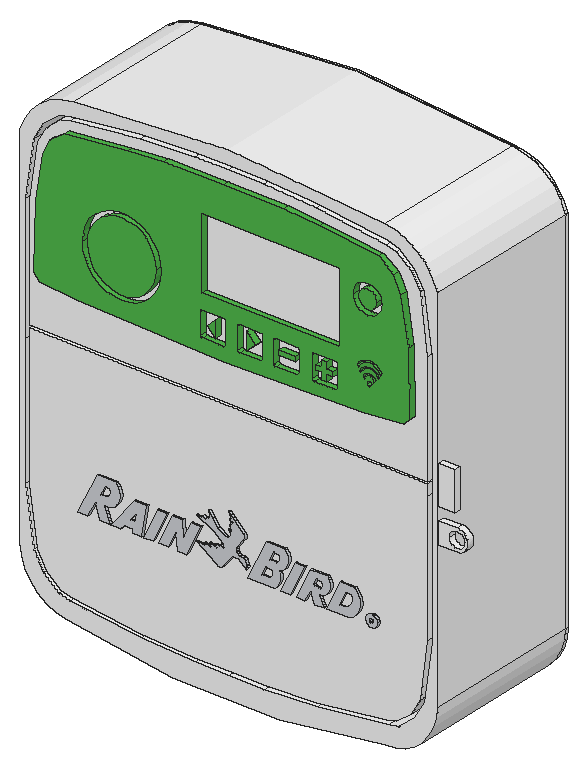
Revit family "SERIE ESP-TM2", category Dispositivos de dados, Revit 2021
Family settings
  Manter orientação da anotação = Não
  Cota do conector redondo = Utilizar diâmetro
  Tipo de parte = Normal
  Número OmniClass = 23.85.50.00
  Título OmniClass = Communication Systems
  Com base no plano de trabalho = Não
  Sempre na vertical = Sim
  Corte com vazios quando carregada = Não
  Compartilhado = Não
  Ponto de cálculo do ambiente = Não
Parameters (values of type "TM2-8-230 8 Estações")
  det5 [instance] = 3 mm
  det4 [instance] = 39.229 mm
  det1 [instance] = 1 mm
  det 3 [instance] = 9 mm
  det [instance] = 5 mm
  White = BRANCO
  URL = "www.rainbird.com"
  SupportProjetos: Revisão = "R00"  # constant formula
  SupportProjetos: Nível de Detalhe = "LOD 300"  # constant formula
  SupportProjetos: Desenvolvido = "MICHEL SOARES MOTA"  # constant formula
  SupportProjetos: Data Revisão = ""  # constant formula
  SupportProjetos: Data Criação = "19/102023"  # constant formula
  RainBird: Link Produto = "www.rainbird.com"
  RainBird: Descrição = "TM2-8-230: 8 Estações"
  RainBird: Código = ""
  RainBird: Comentário = ""
  Sensores de chuva da série RSD [instance] = no
  LNKWIFI - Módulo Wi-Fi LNK para controle remoto e notificações [instance] = no
  Model = "TM2-8-230: 8 Estações"
  Largura = 195.755 mm
  DTT2 = 90 mm
  Tipo de imagem = esp-lxme_no_cover_straight_cc.jpg
  Saída de Alimentação [instance] = 10 mm
  Espessura = 75 mm
  Potência = 24 VA
  DTT1 [instance] = 18
  Fonte de Energia [instance] = 10 mm
  Elevação padrão = 0 mm
  Corrente de Saída = 0.14 A
  Conexão elétrica [instance] = 10 mm
  Altura da base [instance] = 800 mm
  Type Comments = RainBird: Descrição  # "TM2-8-230: 8 Estações"
  Altura = 222 mm
  Alimentação = 230 VA
  003 [instance] = Altura da base + 217.8 mm  # 1017.8 mm
  002 [instance] = 936.509 mm
  001 [instance] = Altura da base + 48 mm  # 848 mm
Types (9, lengths in mm): name | RainBird: Descrição | Model | Type Comments | Alimentação
  (no name) | "TM2-8-230: 8 Estações" | "TM2-8-230: 8 Estações" | "TM2-8-230: 8 Estações" | 230 VA
  TM2-4-230 4 Estações | "TM2-4-230: 4 Estações" | "TM2-4-230: 4 Estações" | "TM2-4-230: 4 Estações" | 230 VA
  TM2-6-230 6 Estações | "TM2-6-230: 6 Estações" | "TM2-6-230: 6 Estações" | "TM2-6-230: 6 Estações" | 230 VA
  TM2-8-230 8 Estações | "TM2-8-230: 8 Estações" | "TM2-8-230: 8 Estações" | "TM2-8-230: 8 Estações" | 230 VA
  TM2-12-230 12 Estações | "TM2-12-230: 12 Estações" | "TM2-12-230: 12 Estações" | "TM2-12-230: 12 Estações" | 230 VA
  TM2-4-110 4 Estações | "TM2-4-110: 4 Estações" | "TM2-4-110: 4 Estações" | "TM2-4-110: 4 Estações" | 110 VA
  TM2-6-110 6 Estações | "TM2-6-110: 6 Estações" | "TM2-6-110: 6 Estações" | "TM2-6-110: 6 Estações" | 110 VA
  TM2-8-110 8 Estações | "TM2-8-110: 8 Estações" | "TM2-8-110: 8 Estações" | "TM2-8-110: 8 Estações" | 110 VA
  TM2-12-110 12 Estações | "TM2-12-110: 12 Estações" | "TM2-12-110: 12 Estações" | "TM2-12-110: 12 Estações" | 110 VA
Reference planes
  plane 1 "Centro (Frente/Trás)": y = 0
  plane 2: z = 0
  plane 3 "Centro (Esquerda/Direita)": x = 0
Forms (mm)
  Extrusion 1, solid, material "BRANCO"
    sketch origin (0, 0, 0) x (1, 0, 0) y (0, 0, 1)
      loop
        arc (-97.878, 824.997) -> (-91.557, 808.381) -> (-75.791, 800.167) r 25
        arc (-75.791, 800.167) -> (-1.076, 792.198) -> (73.656, 800) r 357.996
        arc (73.656, 800) -> (90.783, 807.094) -> (97.878, 824.221) r 24.221
        line (97.878, 824.221) -> (97.878, 998.424)
        arc (97.878, 998.424) -> (88.585, 1012.48) -> (72.878, 1018.578) r 27.775
        arc (72.878, 1018.578) -> (0, 1024.353) -> (-72.878, 1018.578) r 462.743
        arc (-72.878, 1018.578) -> (-88.585, 1012.48) -> (-97.878, 998.424) r 27.775
        line (-97.878, 998.424) -> (-97.878, 824.997)
      loop
        line (-93.468, 911.711) -> (-93.468, 850.763) -> (-89.826, 824.844) -> (-85.514, 817.375) -> (-78.878, 811.807) -> (-74.049, 810.513) -> (-41.14, 806.473) -> (-16.175, 805.164) -> (0, 805.164) -> (16.175, 805.164) -> (41.14, 806.473) -> (74.049, 810.513) -> (78.878, 811.807) -> (85.514, 817.375) -> (89.826, 824.844) -> (93.468, 850.763) -> (93.468, 911.711) -> (93.468, 916.742) -> (-93.468, 916.742) -> (-93.468, 911.711)
      loop
        line (-93.468, 970.158) -> (-93.468, 917.66) -> (93.468, 917.66) -> (93.468, 970.158) -> (89.826, 996.078) -> (85.514, 1003.546) -> (78.878, 1009.114) -> (74.049, 1010.408) -> (41.14, 1014.449) -> (16.175, 1015.757) -> (0, 1015.757) -> (-16.175, 1015.757) -> (-41.14, 1014.449) -> (-74.049, 1010.408) -> (-78.878, 1009.114) -> (-85.514, 1003.546) -> (-89.826, 996.078) -> (-93.468, 970.158)
      loop
        line (-95.468, 850.623) -> (-91.752, 824.18) -> (-87.069, 816.069) -> (-79.824, 809.99) -> (-74.431, 808.545) -> (-41.315, 804.479) -> (-16.227, 803.164) -> (0, 803.164) -> (16.227, 803.164) -> (41.315, 804.479) -> (74.431, 808.545) -> (79.824, 809.99) -> (87.069, 816.069) -> (91.752, 824.18) -> (95.468, 850.623) -> (95.468, 911.711) -> (95.468, 970.298) -> (91.752, 996.741) -> (87.069, 1004.852) -> (79.824, 1010.931) -> (74.431, 1012.376) -> (41.315, 1016.442) -> (16.227, 1017.757) -> (0, 1017.757) -> (-16.227, 1017.757) -> (-41.315, 1016.442) -> (-74.431, 1012.376) -> (-79.824, 1010.931) -> (-87.069, 1004.852) -> (-91.752, 996.741) -> (-95.468, 970.298) -> (-95.468, 911.711) -> (-95.468, 850.623)
    from 0 to 75
  Extrusion 2, solid, material "BRANCO"
    sketch origin (0, 0, 0) x (1, 0, 0) y (0, 0, 1)
      loop
        arc (-72.878, 1018.578) -> (-88.585, 1012.48) -> (-97.878, 998.424) r 27.775
        line (-97.878, 998.424) -> (-97.878, 824.997)
        arc (-97.878, 824.997) -> (-91.557, 808.381) -> (-75.791, 800.167) r 25
        arc (-75.791, 800.167) -> (-1.076, 792.198) -> (73.656, 800) r 357.996
        arc (73.656, 800) -> (90.783, 807.094) -> (97.878, 824.221) r 24.221
        line (97.878, 824.221) -> (97.878, 998.424)
        arc (97.878, 998.424) -> (88.585, 1012.48) -> (72.878, 1018.578) r 27.775
        arc (72.878, 1018.578) -> (0, 1024.353) -> (-72.878, 1018.578) r 462.743
    from -1 to 0
Dimensions and locks
  "Espessura": Extrusion 1 to plane 1 "Centro (Frente/Trás)"
  "Altura da base": Extrusion 1 sketch curve to level
  "det1": plane 1 "Centro (Frente/Trás)" to Extrusion 2
  "001": nested 1 to level
  aligned and locked: level to plane 2
  aligned and locked: Extrusion 1 to plane 1 "Centro (Frente/Trás)"
  aligned and locked: Extrusion 2 sketch curve to Extrusion 1  (x7)
  aligned and locked: plane 1 "Centro (Frente/Trás)" to Extrusion 2
Automatic sketch dimensions
  Extrusion 1 sketch curve to plane 3 "Centro (Esquerda/Direita)" = 0 mm  (x5)
  Extrusion 1 sketch curve to plane 3 "Centro (Esquerda/Direita)" = 0.675 mm
  Extrusion 1 sketch curve to plane 3 "Centro (Esquerda/Direita)" = 16.175 mm  (x2)
  Extrusion 1 sketch curve to Extrusion 1 sketch curve = 0.052 mm  (x4)
  Extrusion 1 sketch curve to Extrusion 1 sketch curve = 24.966 mm  (x4)
  Extrusion 1 sketch curve to Extrusion 1 sketch curve = 0.174 mm  (x4)
  Extrusion 1 sketch curve to Extrusion 1 sketch curve = 30.013 mm  (x2)
  Extrusion 1 sketch curve to Extrusion 1 sketch curve = 31.737 mm
  Extrusion 1 sketch curve to Extrusion 1 sketch curve = 1.171 mm
  Extrusion 1 sketch curve to Extrusion 1 sketch curve = 2.895 mm  (x2)
  Extrusion 1 sketch curve to Extrusion 1 sketch curve = 0.383 mm  (x4)
  Extrusion 1 sketch curve to Extrusion 1 sketch curve = 4.83 mm  (x4)
  Extrusion 1 sketch curve to Extrusion 1 sketch curve = 0.946 mm  (x4)
  Extrusion 1 sketch curve to Extrusion 1 sketch curve = 6.635 mm  (x4)
  Extrusion 1 sketch curve to Extrusion 1 sketch curve = 1.556 mm  (x4)
  Extrusion 1 sketch curve to Extrusion 1 sketch curve = 4.312 mm  (x4)
  Extrusion 1 sketch curve to Extrusion 1 sketch curve = 1.926 mm  (x4)
  Extrusion 1 sketch curve to Extrusion 1 sketch curve = 22.315 mm  (x2)
  Extrusion 1 sketch curve to Extrusion 1 sketch curve = 0 mm  (x3)
  Extrusion 1 sketch curve to Extrusion 1 sketch curve = 2 mm  (x4)
  Extrusion 1 sketch curve to Extrusion 1 sketch curve = 6.126 mm  (x2)
  plane 3 "Centro (Esquerda/Direita)" to Extrusion 1 sketch curve = 16.175 mm  (x2)
  Extrusion 1 sketch curve to Extrusion 1 sketch curve = 32.516 mm
  Extrusion 1 sketch curve to Extrusion 1 sketch curve = 0.393 mm
  Extrusion 1 sketch curve to Extrusion 1 sketch curve = 3.643 mm
  Extrusion 1 sketch curve to Extrusion 1 sketch curve = 238.391 mm
  Extrusion 1 sketch curve to Extrusion 1 sketch curve = 3.164 mm
  Extrusion 1 sketch curve to Extrusion 1 sketch curve = 1.315 mm  (x2)
  Extrusion 1 sketch curve to Extrusion 1 sketch curve = 1.994 mm  (x4)
  Extrusion 1 sketch curve to Extrusion 1 sketch curve = 8.545 mm
  Extrusion 1 sketch curve to Extrusion 1 sketch curve = 2.073 mm
  Extrusion 1 sketch curve to Extrusion 1 sketch curve = 1.445 mm  (x2)
  Extrusion 1 sketch curve to Extrusion 1 sketch curve = 1.968 mm  (x4)
  Extrusion 1 sketch curve to Extrusion 1 sketch curve = 1.817 mm  (x4)
  Extrusion 1 sketch curve to Extrusion 1 sketch curve = 4.262 mm  (x2)
  Extrusion 1 sketch curve to Extrusion 1 sketch curve = 1.305 mm  (x4)
  Extrusion 1 sketch curve to Extrusion 1 sketch curve = 6.805 mm
  Extrusion 1 sketch curve to Extrusion 1 sketch curve = 0.041 mm
  Extrusion 1 sketch curve to Extrusion 1 sketch curve = 0.663 mm  (x4)
  Extrusion 1 sketch curve to Extrusion 1 sketch curve = 0.817 mm
  Extrusion 1 sketch curve to Extrusion 1 sketch curve = 25.626 mm
  Extrusion 1 sketch curve to Extrusion 1 sketch curve = 25.78 mm
  Extrusion 1 sketch curve to Extrusion 1 sketch curve = 0.14 mm  (x4)
  Extrusion 1 sketch curve to Extrusion 1 sketch curve = 60.947 mm  (x2)
  Extrusion 1 sketch curve to Extrusion 1 sketch curve = 5.031 mm
  Extrusion 1 sketch curve to Extrusion 1 sketch curve = 0.918 mm
  Extrusion 1 sketch curve to Extrusion 1 sketch curve = 52.498 mm  (x2)
  Extrusion 1 sketch curve to Extrusion 1 sketch curve = 20.698 mm  (x2)
  Extrusion 1 sketch curve to Extrusion 1 sketch curve = 5.221 mm  (x2)
  Extrusion 1 sketch curve to Extrusion 1 sketch curve = 1.683 mm  (x2)
  Extrusion 1 sketch curve to Extrusion 1 sketch curve = 7.469 mm  (x2)
  Extrusion 1 sketch curve to Extrusion 1 sketch curve = 5.568 mm  (x2)
  Extrusion 1 sketch curve to Extrusion 1 sketch curve = 1.294 mm  (x2)
  Extrusion 1 sketch curve to Extrusion 1 sketch curve = 4.041 mm  (x2)
  Extrusion 1 sketch curve to Extrusion 1 sketch curve = 1.308 mm
  Extrusion 1 sketch curve to Extrusion 1 sketch curve = 132.437 mm
  Extrusion 1 sketch curve to Extrusion 1 sketch curve = 1.554 mm
Nested families
  nested 1: "anexo" at (0, 0, 0.114), type "RC2-120V 8 estações de 120 V CA"
    with det5 3 mm, det4 39.229 mm, det1 1 mm, det 3 9 mm, det 5 mm, WR2-RFC - Combinação chuva e gelo no, Saída de Alimentação 10 mm, RSD-BEx - Sensor de chuva com suporte de bloqueio, fio de extensão no, Fonte de Energia 10 mm, DTT1 18, Conexão elétrica 10 mm
  nested 2: "LNKWIFI - Módulo Wi-Fi LNK para controle remoto e notificações" at (0, -10, 0), visible <- "LNKWIFI - Módulo Wi-Fi LNK para controle remoto e notificações", type "LNKWIFI - Módulo Wi-Fi LNK para controle remoto e notificações"
  nested 3: "Sensores de chuva da série RSD" at (0, -10, 0), visible <- "Sensores de chuva da série RSD", type "Sensores de chuva da série RSD"
Definition of nested family "anexo"
  Parameters (values of type "RC2-AUS 8 estações – Austrália")
    det5 [instance] = 3 mm
    det4 [instance] = 39.229 mm
    det1 [instance] = 1 mm
    det 3 [instance] = 9 mm
    det [instance] = 5 mm
    White = none
    URL = "www.rainbird.com"
    SupportProjetos: Revisão = "R00"  # constant formula
    SupportProjetos: Nível de Detalhe = "LOD 300"  # constant formula
    SupportProjetos: Desenvolvido = "MICHEL SOARES MOTA"  # constant formula
    SupportProjetos: Data Revisão = ""  # constant formula
    SupportProjetos: Data Criação = "19/102023"  # constant formula
    RainBird: Link Produto = "www.rainbird.com"
    RainBird: Descrição = "RC2-120V 8 estações de 120 V CA"
    RainBird: Código = ""
    RainBird: Comentário = ""
    RSD-BExv - Sensor de chuva com suporte de bloqueio, fio de extensão = no
    RSD-BEx - Sensor de chuva com suporte de bloqueio, fio de extensão [instance] = no
    Model = "RC2-120V 8 estações de 120 V CA"
    Largura = 195.755 mm
    WR2-RFC - Combinação chuva e gelo [instance] = no
    DTT2 = 90 mm
    Type Image = element 116117
    Saída de Alimentação [instance] = 10 mm
    Espessura = 75 mm
    Potência = 24 VA
    DTT1 [instance] = 18
    Fonte de Energia [instance] = 10 mm
    Default Elevation = 0 mm
    Corrente de Saída = 0.14 A
    Conexão elétrica [instance] = 10 mm
    Altura da base = 800.003 mm
    Type Comments = RainBird: Descrição  # "RC2-120V 8 estações de 120 V CA"
    Altura = 222 mm
    Alimentação = 120 VA
  Types (3, lengths in mm): name | Alimentação
    RC2-120V 8 estações de 120 V CA | 120 VA
    RC2-230V 8 estações de 230 V CA | 230 VA
    RC2-AUS 8 estações – Austrália | 120 VA
  Reference planes
    plane 1 "Centro (Frente/Trás)": y = 0
    plane 2: z = 0
    plane 3 "Centro (Esquerda/Direita)": x = 0
  Forms (mm)
    Extrusion 1, solid
      sketch origin (0, 0, 7.5) x (1, 0, 0) y (0, 0, 1)
        loop
          line (-70.316, 840.386) -> (-65.316, 840.386) -> (-61.638, 847.022) -> (-59.86, 840.386) -> (-54.86, 840.386) -> (-57.423, 847.43)
          arc (-57.423, 847.43) -> (-50.527, 851.319) -> (-52.347, 859.024) r 6.588
          line (-52.347, 859.024) -> (-60.819, 859.024) -> (-70.316, 840.386)
        loop
          line (-59.391, 851.075) -> (-56.727, 851.075)
          arc (-56.727, 851.075) -> (-54.811, 852.904) -> (-55.159, 855.53) r 2.924
          line (-55.159, 855.53) -> (-57.121, 855.53) -> (-59.391, 851.075)
        loop
          line (-54.01, 840.386) -> (-49.753, 840.386) -> (-48.118, 842.335) -> (-44.314, 842.335) -> (-44.314, 840.386) -> (-40.178, 840.386) -> (-37.727, 854.286) -> (-43.535, 854.286) -> (-54.01, 840.386)
        loop
          line (-45.357, 845.624) -> (-42.878, 845.624) -> (-42.878, 848.579) -> (-45.357, 845.624)
        loop
          line (-39.279, 840.386) -> (-34.605, 840.386) -> (-28.124, 854.286) -> (-32.797, 854.286) -> (-39.279, 840.386)
        loop
          line (-32.19, 840.386) -> (-27.581, 840.386) -> (-24.12, 847.807) -> (-23.078, 840.386) -> (-18.956, 840.386) -> (-12.474, 854.286) -> (-16.859, 854.286) -> (-20.206, 847.108) -> (-20.708, 854.286) -> (-25.708, 854.286) -> (-32.19, 840.386)
        loop
          line (-14.41, 858.552) -> (-6.324, 854.782) -> (-1.739, 850.653) -> (-1.739, 849.362) -> (-3.255, 850.069) -> (-3.255, 848.875) -> (-5.446, 849.462) -> (-4.887, 848.265) -> (-8.349, 848.813) -> (-7.781, 847.596) -> (-10.736, 848.064) -> (-10.244, 847.008) -> (-14.309, 847.652) -> (-5.375, 841.625)
          arc (-5.375, 841.625) -> (-3.513, 840.717) -> (-1.651, 841.625) r 2.362
          line (-1.651, 841.625) -> (2.609, 847.078) -> (5.36, 847.078) -> (9.3, 843.999) -> (9.139, 844.916) -> (10.161, 844.916) -> (9.357, 845.721) -> (8.823, 847.413)
          arc (8.823, 847.413) -> (8.367, 848.104) -> (7.615, 848.453) r 1.515
          line (7.615, 848.453) -> (5.991, 848.71) -> (5.034, 849.356)
          arc (5.034, 849.356) -> (4.723, 849.7) -> (4.611, 850.15) r 0.958
          line (4.611, 850.15) -> (4.611, 851.034)
          arc (4.611, 851.034) -> (4.688, 851.491) -> (4.909, 851.899) r 1.405
          line (4.909, 851.899) -> (7.899, 855.726)
          arc (7.899, 855.726) -> (8.357, 857.147) -> (7.788, 858.527) r 2.168
          line (7.788, 858.527) -> (0.717, 865.599) -> (2.761, 861.408) -> (1.113, 862.176) -> (2.307, 859.728) -> (1.007, 859.957) -> (2.126, 857.664) -> (2.126, 856.691) -> (0.668, 857.83) -> (1.514, 856.095) -> (1.514, 855.214) -> (0.289, 853.989) -> (-4.37, 856.788) -> (-6.659, 859.939) -> (-8.743, 862.808) -> (-8.09, 860.37) -> (-8.491, 859.51) -> (-9.673, 859.447) -> (-9.906, 858.339) -> (-11.396, 859.286) -> (-11.396, 858.264) -> (-14.41, 858.552)
        loop
          line (9.523, 840.513) -> (21.643, 840.513)
          arc (21.643, 840.513) -> (24.946, 844.173) -> (24.425, 849.075) r 6.045
          arc (24.425, 849.075) -> (28.767, 853.138) -> (27.069, 858.836) r 5.65
          line (27.069, 858.836) -> (18.459, 858.836) -> (9.523, 840.513)
        loop
          line (16.309, 844.227) -> (19.79, 844.227)
          arc (19.79, 844.227) -> (21.386, 845.85) -> (21.123, 848.112) r 2.636
          line (21.123, 848.112) -> (18.204, 848.112) -> (16.309, 844.227)
        loop
          line (19.989, 851.772) -> (22.731, 851.772)
          arc (22.731, 851.772) -> (24.736, 853.246) -> (23.927, 855.599) r 2.1
          line (23.927, 855.599) -> (21.856, 855.599) -> (19.989, 851.772)
        loop
          line (25.112, 840.437) -> (29.615, 840.437) -> (36.486, 854.526) -> (31.984, 854.526) -> (25.112, 840.437)
        loop
          line (32.402, 840.437) -> (36.571, 840.437) -> (39.256, 845.282) -> (41.28, 840.513) -> (45.689, 840.513) -> (43.301, 845.409)
          arc (43.301, 845.409) -> (48.239, 848.726) -> (46.918, 854.526) r 5.255
          line (46.918, 854.526) -> (39.274, 854.526) -> (32.402, 840.437)
        loop
          line (40.752, 849.025) -> (41.224, 848.208) -> (43.979, 848.208)
          arc (43.979, 848.208) -> (44.873, 849.829) -> (43.979, 851.449) r 1.915
          line (43.979, 851.449) -> (42.096, 851.449) -> (40.752, 849.025)
        loop
          line (46.513, 840.513) -> (56.513, 840.513)
          arc (56.513, 840.513) -> (62.381, 846.19) -> (59.986, 853.995) r 7.812
          line (59.986, 853.995) -> (53.089, 853.995) -> (46.513, 840.513)
        loop
          line (58.131, 850.963) -> (55.85, 850.963) -> (52.565, 844.227) -> (55.15, 844.227)
          arc (55.15, 844.227) -> (58.366, 846.832) -> (58.131, 850.963) r 4.538
        loop
          circle (67.87, 842.929) r 2.794
        loop
          circle (67.87, 842.929) r 1.019
      from 75 to 76
    Extrusion 2, solid
      sketch origin (0, 0, 0) x (1, 0, 0) y (0, 0, 1)
        loop
          line (-89.165, 942.728) -> (-86.251, 939.814) -> (-68.934, 938.299) -> (0, 936.509) -> (66.268, 938.229) -> (84.376, 939.814) -> (87.29, 942.728) -> (86.537, 972.718) -> (83.211, 993.718) -> (79.816, 1000.998) -> (72.475, 1006.138) -> (44.845, 1009.042) -> (28.007, 1010.564) -> (0, 1010.564) -> (-28.007, 1010.564) -> (-44.845, 1009.042) -> (-74.681, 1005.906) -> (-81.691, 1000.998) -> (-85.086, 993.718) -> (-88.412, 972.718) -> (-89.165, 942.728)
        loop
          circle (-47.714, 963.735) r 18.573
        loop
          circle (-47.714, 963.735) r 16.209
        loop
          circle (67.607, 986.379) r 6.825
        loop
          arc (-9.874, 954.805) -> (-10.567, 954.518) -> (-10.854, 953.825) r 0.98
          line (-10.854, 953.825) -> (-10.854, 943.795)
          arc (-10.854, 943.795) -> (-10.555, 943.074) -> (-9.835, 942.776) r 1.019
          line (-9.835, 942.776) -> (0.019, 942.776)
          arc (0.019, 942.776) -> (0.737, 943.073) -> (1.035, 943.792) r 1.016
          line (1.035, 943.792) -> (1.035, 953.778)
          arc (1.035, 953.778) -> (0.734, 954.504) -> (0.008, 954.805) r 1.027
          line (0.008, 954.805) -> (-9.874, 954.805)
        loop
          arc (7.567, 954.805) -> (6.875, 954.518) -> (6.588, 953.825) r 0.98
          line (6.588, 953.825) -> (6.588, 943.795)
          arc (6.588, 943.795) -> (6.886, 943.074) -> (7.606, 942.776) r 1.019
          line (7.606, 942.776) -> (17.46, 942.776)
          arc (17.46, 942.776) -> (18.179, 943.073) -> (18.476, 943.792) r 1.016
          line (18.476, 943.792) -> (18.476, 953.778)
          arc (18.476, 953.778) -> (18.175, 954.504) -> (17.449, 954.805) r 1.027
          line (17.449, 954.805) -> (7.567, 954.805)
        loop
          arc (24.473, 954.805) -> (23.78, 954.518) -> (23.493, 953.825) r 0.98
          line (23.493, 953.825) -> (23.493, 943.795)
          arc (23.493, 943.795) -> (23.792, 943.074) -> (24.512, 942.776) r 1.019
          line (24.512, 942.776) -> (34.366, 942.776)
          arc (34.366, 942.776) -> (35.084, 943.073) -> (35.382, 943.792) r 1.016
          line (35.382, 943.792) -> (35.382, 953.778)
          arc (35.382, 953.778) -> (35.081, 954.504) -> (34.355, 954.805) r 1.027
          line (34.355, 954.805) -> (24.473, 954.805)
        loop
          arc (42.62, 955.117) -> (41.927, 954.831) -> (41.64, 954.138) r 0.98
          line (41.64, 954.138) -> (41.64, 944.107)
          arc (41.64, 944.107) -> (41.939, 943.387) -> (42.659, 943.088) r 1.019
          line (42.659, 943.088) -> (52.513, 943.088)
          arc (52.513, 943.088) -> (53.231, 943.386) -> (53.529, 944.104) r 1.016
          line (53.529, 944.104) -> (53.529, 954.091)
          arc (53.529, 954.091) -> (53.228, 954.817) -> (52.502, 955.117) r 1.027
          line (52.502, 955.117) -> (42.62, 955.117)
        loop
          circle (68.567, 951.074) r 1.112
        loop
          arc (71.515, 953.189) -> (68.495, 955.471) -> (65.466, 953.199) r 3.147
          line (65.466, 953.199) -> (66.444, 952.113)
          arc (66.444, 952.113) -> (68.476, 954.38) -> (70.537, 952.139) r 2.056
          line (70.537, 952.139) -> (71.515, 953.189)
        loop
          arc (64.542, 954.225) -> (68.51, 957.162) -> (72.462, 954.204) r 4.134
          line (72.462, 954.204) -> (73.147, 954.939)
          arc (73.147, 954.939) -> (68.521, 958.229) -> (63.881, 954.959) r 4.912
          line (63.881, 954.959) -> (64.542, 954.225)
        loop
          arc (63.43, 956.542) -> (68.584, 959.683) -> (73.666, 956.427) r 5.694
          line (73.666, 956.427) -> (74.39, 957.203)
          arc (74.39, 957.203) -> (68.596, 960.88) -> (62.732, 957.317) r 6.504
          line (62.732, 957.317) -> (63.43, 956.542)
        loop
          line (-10.541, 995.022) -> (-10.541, 961.664) -> (54.459, 961.664) -> (54.459, 995.022) -> (-10.541, 995.022)
        loop
          circle (67.607, 986.379) r 4.241
        loop
          line (25.975, 950.392) -> (25.975, 948.289) -> (33.637, 948.289) -> (33.637, 950.392) -> (25.975, 950.392)
        loop
          line (46.084, 948.133) -> (46.084, 944.928) -> (48.204, 944.928) -> (48.204, 948.133) -> (51.312, 948.133) -> (51.312, 950.236) -> (48.204, 950.236) -> (48.204, 953.335) -> (46.084, 953.335) -> (46.084, 950.236) -> (43.258, 950.236) -> (43.258, 948.133) -> (46.084, 948.133)
        loop
          line (10.704, 953.139) -> (10.704, 944.615) -> (15.163, 948.68) -> (10.704, 953.139)
        loop
          line (-3.614, 952.827) -> (-7.761, 948.68) -> (-3.614, 944.9) -> (-3.614, 952.827)
      from 75 to 78
    Extrusion 3, solid
      sketch origin (0, 0, 0) x (1, 0, 0) y (0, 0, 1)
        loop
          line (97.878, 902.663) -> (97.878, 892.663) -> (107.128, 892.663)
          arc (107.128, 892.663) -> (112.128, 897.663) -> (107.128, 902.663) r 5
          line (107.128, 902.663) -> (97.878, 902.663)
        loop
          circle (107.128, 897.663) r 3.709
        loop
          line (97.878, 908.745) -> (106.046, 908.745) -> (106.046, 926.806) -> (97.878, 926.806) -> (97.878, 908.745)
      from 72 to 75
  Dimensions and locks
    aligned and locked: level to plane 2
Definition of nested family "LNKWIFI - Módulo Wi-Fi LNK para controle remoto e notificações"
  Parameters (values of type "LNKWIFI - Módulo Wi-Fi LNK para controle remoto e notificações")
    Default Elevation = 0 mm
    Description = "LNKWIFI: Módulo Wi-Fi LNK para controle remoto e notificações\r\natravés de dispositivos iOS ou Android"
  Reference planes
    plane 1 "Centro (Frente/Trás)": y = 0
    plane 2: z = 0
    plane 3 "Centro (Esquerda/Direita)": x = 0
  Forms (mm)
    Extrusion 1, solid
      sketch origin (0, 0, 0) x (1, 0, 0) y (0, 1, 0)
        loop
          circle (0, 0) r 10
      from 0 to 1.231
  Dimensions and locks
    aligned and locked: level to plane 2
Definition of nested family "Sensores de chuva da série RSD"
  Parameters (values of type "Sensores de chuva da série RSD")
    Default Elevation = 0 mm
    Description = "Sensores de chuva da série RSD"
  Reference planes
    plane 1 "Centro (Frente/Trás)": y = 0
    plane 2: z = 0
    plane 3 "Centro (Esquerda/Direita)": x = 0
  Forms (mm)
    Extrusion 1, solid
      sketch origin (0, 0, 0) x (1, 0, 0) y (0, 1, 0)
        loop
          circle (0, 0) r 10
      from 0 to 1.231
  Dimensions and locks
    aligned and locked: level to plane 2
